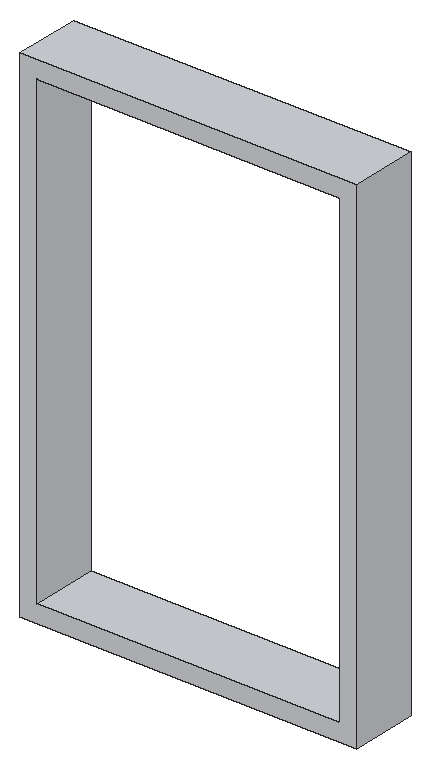
Revit family "Family1", category Windows, host Wall, Revit 2022
Family settings
  Host = Wall
  OmniClass Number = 23.30.20.00
  OmniClass Title = Windows
  Always vertical = Yes
  Cut with Voids When Loaded = No
  Shared = No
  Room Calculation Point = No
Parameters
  창틀두께 = 50 mm
  Height = 1500 mm
  Default Sill Height = 800 mm
  Wall Closure = By host
  Width = 1000 mm
Reference planes
  plane 1 "Center (Front/Back)": y = 0
  plane 2 "Center (Left/Right)": x = 0
  plane 3 "Left": x = -500
  plane 4 "Right": x = 500
  plane 5 "Sill": z = 800
  plane 6 "Head": z = 2300
  plane 7 "Exterior": y = 100
  plane 8 "Interior": y = -100
Forms (mm)
  Sweep 1, solid
    path in 3D
      loop
        line (500, 100, 2300) -> (-500, 100, 2300) -> (-500, 100, 800) -> (500, 100, 800) -> (500, 100, 2300)
    profile origin (500, 100, 1550) x (0, 1, 0) y (-1, 0, 0)
      loop
        line (0, 0) -> (0, 50) -> (-200, 50) -> (-200, 0) -> (0, 0)
Lines and regions (mm)
  Opening 1
    outline origin (3500, -100, 0) x (1, 0, 0) y (0, 0, 1)
      loop
        line (-3000, 800) -> (-3000, 2300) -> (-4000, 2300) -> (-4000, 800) -> (-3000, 800)
  sketch lines
    curve 1: line (500, 100, 800) -> (500, 100, 2300)
    curve 2: line (500, 100, 2300) -> (-500, 100, 2300)
    curve 3: line (-500, 100, 2300) -> (-500, 100, 800)
    curve 4: line (-500, 100, 800) -> (500, 100, 800)
Text (mm)
  text "Exterior" at (-1963.203, 1332.353, 0), in view "Ref. Level"
  text "Interior" at (-1981.466, -818.386, 0), in view "Ref. Level"
  text "Exterior" at (0, 923.751, 2943.296), in view "Right"
  text "Exterior" at (0, 1040.484, 2685.409), in view "Left"
Dimensions and locks
  equal spacing: plane 3 "Left", plane 2 "Center (Left/Right)", plane 4 "Right"
  "Width": plane 3 "Left" to plane 4 "Right"
  "Height": plane 5 "Sill" to plane 6 "Head"
  "Default Sill Height": plane 5 "Sill" to level
  locked: plane 7 "Exterior" to host wall
  locked: plane 8 "Interior" to host wall
  "창틀두께": Sweep 1 sketch curve to Sweep 1 sketch curve
Automatic sketch dimensions
  Opening 1 sketch curve to plane 3 "Left" = 0 mm
  Opening 1 sketch curve to plane 4 "Right" = 0 mm
  Opening 1 sketch curve to plane 5 "Sill" = 0 mm
  Opening 1 sketch curve to plane 6 "Head" = 0 mm
  Sweep 1 sketch curve to profile plane = 0 mm
  profile plane to Sweep 1 sketch curve = 0 mm
  profile plane to Sweep 1 sketch curve = 200 mm
